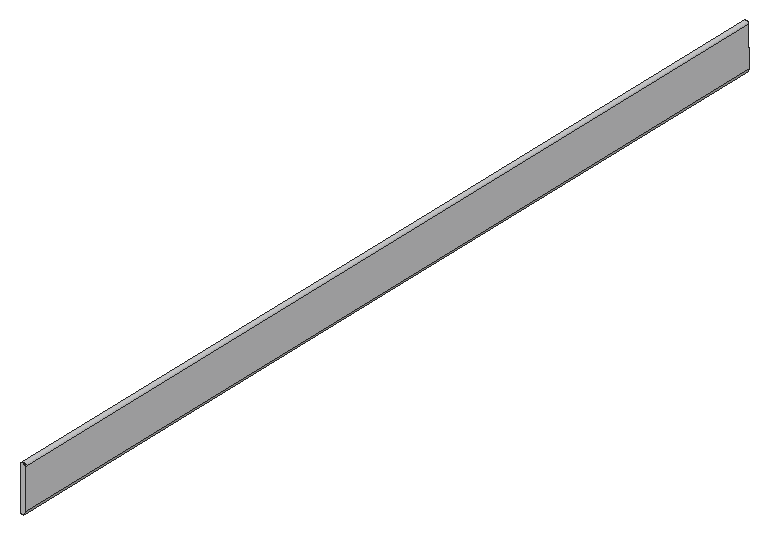
Revit family "WFR-CE", category Specialty Equipment, host Face, Revit 2020
Family settings
  Host = Face
  Round Connector Dimension = Use Diameter
  Part Type = Normal
  Cut with Voids When Loaded = No
  Shared = No
  Room Calculation Point = No
Parameters (values of type "SEE TYPE CATEGORY")
  Width = 0' - 0 1/2"
  URL = "http://www.emseal.com/"
  Type Image = WFR-CE.png
  Fire Resistence = "1 HR"
  Resistence to Fire EN 1366-4 = "EI60"
  Product Data URL = "https://bit.ly/34iawcN"
  European Technical Assessment = "ETA-19/0222"
  CE Certification = "0679-CPR-1251"
  Bellow Radius - Triple [instance] = Calc Width Triple / 6  # 0' - 0 1/4"
  Triple Bellow = no
  Tensile Strength (ASTM D3574) = "21 psi min; 145 kPa"
  Temperature Range (ASTM C711) = "185°F (85°C) to -40°F (-40°C)"
  Staining (ASTM C510) = "None"
  Single Bellow = yes
  Seal Material Note = "Emshield WFR-CE is coated on the top and bottom with water-resistant silicone."
  Seal Material [instance] = Silicone - Dowsil 790 Gray
  Rate of Air Leakage (ASTM E283) = "Passed"
  R Value Range (ASTM C518) = "1.03 per 1-inch (25mm) depth"
  Quint Bellow = no
  Quad Bellow = no
  Product Page URL = "https://cdn.emseal.com/wp-content/uploads/2020/01/Emshield-DFR-WFR-CE-Product-Data-Sheet-CE-marked-EN1366-4-movment-joint-Emseal.pdf"
  Product Documentation URL = "https://bit.ly/2yzQuP1"
  Movement (of Nominal Material Size) = "+50% / -50%"
  Model = "Emshield WFR-CE"
  Manufacturer = "EMSEAL Joint Systems Ltd"
  Length [instance] = 6' - 6 23/32"
  Durometer Hardness of Silicone Coating (ASTM D2240) = "Shore A: 25"
  Description = "CE Marked, EN 1366-4 Tested Watertight Fire-resistant movement joint"
  Depth = 0' - 4"
  Default Elevation = 0' - 0"
  Calc Width Triple [instance] = if(or(Width > 0' 3 131/256", Width < 0' 1 125/256"), 0' 1 1/2", Width)  # 0' - 1 1/2"
  Calc Width Single [instance] = if(Width > 0' 1 67/256", 0' 1 67/256", Width)  # 0' - 0 1/2"
  Calc Width Quad [instance] = if(or(Width > 0' 4 3/256", Width < 0' 3 131/256"), 0' 3 131/256", Width)  # 0' - 3 131/256"
  Bellow Radius - Quad [instance] = Calc Width Quad / 8  # 0' - 0.43896"
  Bellow Radius [instance] = Calc Width Single / 2  # 0' - 0 1/4"
  Bellow Depth - Triple [instance] = Depth - ([Bellow Radius - Triple] * 2)  # 0' - 3 1/2"
  Bellow Depth - Quad [instance] = Depth - ([Bellow Radius - Quad] * 2)  # 0' - 3.12207"
  Bellow Depth [instance] = Depth - (Bellow Radius * 2)  # 0' - 3 1/2"
  Assembly Code = "C3020200"
  ABAA Compliance = yes
Reference planes (in)
  plane 1 "Center (Front/Back)": y = 0
  plane 2: z = 0
  plane 3 "Center (Left/Right)": x = 0
  plane 4 "Width 1": x = -0.25
  plane 5 "Width 2": x = 0.25
  plane 6: y = 39.35937
  plane 7: y = -39.35938
  plane 8: z = -4
  plane 9 "Quad Width 1": x = -1.75586
  plane 10: x = -0.87793
  plane 11: x = 0.87793
  plane 12 "Quad Width 2": x = 1.75586
  plane 13 "Triple Width 1": x = -0.75
  plane 14 "Triple Width 2": x = 0.75
  plane 15: x = 0.25
  plane 16: x = -0.25
  plane 17 "Single Width 1": x = -0.25
  plane 18 "Single Width 2": x = 0.25
  plane 19 "Expansion Line": z = 0.03125
  plane 20 "Triple Radius": z = -0.25
  plane 21: z = 0
  plane 22 "Triple Depth": z = -3.75
  plane 23 "Single Radius": z = -0.25
  plane 24 "Single Depth": z = -3.75
  plane 25 "Quad Radius": z = -0.43896
  plane 26 "Quad Depth": z = -3.56104
Forms (in)
  Extrusion 1, void
    sketch origin (0, 0, 0) x (1, 0, 0) y (0, 1, 0)
      loop
        line (-0.25, -39.35938) -> (0.25, -39.35938) -> (0.25, 39.35937) -> (-0.25, 39.35937) -> (-0.25, -39.35938)
    from 0 to -30
  Extrusion 2, solid, detail levels coarse
    sketch origin (0, 0, 0) x (1, 0, 0) y (0, 1, 0)
      loop
        line (-0.25, 39.35937) -> (-0.25, -39.35938) -> (0.25, -39.35938) -> (0.25, 39.35937) -> (-0.25, 39.35937)
    from 0 to -4
  Extrusion 3, solid, material "Silicone - Dowsil 790 Gray" <- "Seal Material", visible <- "Quad Bellow"
    sketch origin (0, 0, 0) x (1, 0, 0) y (0, 0, 1)
      loop
        line (-1.75586, -0.43896) -> (-1.75586, -3.56104)
        arc (-1.75586, -3.56104) -> (-1.31689, -4) -> (-0.87793, -3.56104) r 0.43896
        arc (-0.87793, -3.56104) -> (-0.43896, -4) -> (0, -3.56104) r 0.43896
        arc (0, -3.56104) -> (0.43896, -4) -> (0.87793, -3.56104) r 0.43896
        arc (0.87793, -3.56104) -> (1.31689, -4) -> (1.75586, -3.56104) r 0.43896
        line (1.75586, -3.56104) -> (1.75586, -0.43896)
        arc (1.75586, -0.43896) -> (1.31689, 0) -> (0.87793, -0.43896) r 0.43896
        arc (0.87793, -0.43896) -> (0.43896, 0) -> (0, -0.43896) r 0.43896
        arc (0, -0.43896) -> (-0.43896, 0) -> (-0.87793, -0.43896) r 0.43896
        arc (-0.87793, -0.43896) -> (-1.31689, 0) -> (-1.75586, -0.43896) r 0.43896
    from 39.35938 to -39.35937
  Extrusion 4, solid, material "Silicone - Dowsil 790 Gray" <- "Seal Material", visible <- "Single Bellow"
    sketch origin (0, 0, 0) x (1, 0, 0) y (0, 0, 1)
      loop
        line (-0.25, -0.25) -> (-0.25, -3.75)
        arc (-0.25, -3.75) -> (0, -4) -> (0.25, -3.75) r 0.25
        line (0.25, -3.75) -> (0.25, -0.25)
        arc (0.25, -0.25) -> (0, 0) -> (-0.25, -0.25) r 0.25
    from 39.35938 to -39.35937
  Extrusion 5, solid, material "Silicone - Dowsil 790 Gray" <- "Seal Material", visible <- "Triple Bellow"
    sketch origin (0, 0, 0) x (1, 0, 0) y (0, 0, 1)
      loop
        line (-0.75, -0.25) -> (-0.75, -3.75)
        arc (-0.75, -3.75) -> (-0.5, -4) -> (-0.25, -3.75) r 0.25
        arc (-0.25, -3.75) -> (0, -4) -> (0.25, -3.75) r 0.25
        arc (0.25, -3.75) -> (0.5, -4) -> (0.75, -3.75) r 0.25
        line (0.75, -3.75) -> (0.75, -0.25)
        arc (0.75, -0.25) -> (0.5, 0) -> (0.25, -0.25) r 0.25
        arc (0.25, -0.25) -> (0, 0) -> (-0.25, -0.25) r 0.25
        arc (-0.25, -0.25) -> (-0.5, 0) -> (-0.75, -0.25) r 0.25
    from 39.35938 to -39.35937
Lines and regions (in)
  model lines, style "Expansion Graphic"
    curve 1: line (0, 39.35937, 0.03125) -> (0, -39.35938, 0.03125)
Dimensions and locks (in)
  "Width": plane 4 "Width 1" to plane 5 "Width 2"
  equal spacing: plane 4 "Width 1", plane 3 "Center (Left/Right)", plane 5 "Width 2"
  equal spacing: plane 6, plane 1 "Center (Front/Back)", plane 7
  "Length": plane 6 to plane 7
  "Depth": plane 2 to plane 8
  equal spacing: plane 12 "Quad Width 2", plane 11, plane 3 "Center (Left/Right)", plane 10, plane 9 "Quad Width 1"
  "Calc Width Quad": plane 12 "Quad Width 2" to plane 9 "Quad Width 1"
  locked: plane 2 to Extrusion 3 sketch curve
  equal spacing: plane 13 "Triple Width 1", plane 16, plane 15, plane 14 "Triple Width 2"
  "Calc Width Triple": plane 13 "Triple Width 1" to plane 14 "Triple Width 2"
  equal spacing: plane 13 "Triple Width 1", plane 3 "Center (Left/Right)", plane 14 "Triple Width 2"
  equal spacing: plane 17 "Single Width 1", plane 3 "Center (Left/Right)", plane 18 "Single Width 2"
  "Calc Width Single": plane 17 "Single Width 1" to plane 18 "Single Width 2"
  locked: plane 2 to Extrusion 4 sketch curve
  locked: plane 19 "Expansion Line" to level at 0.03125
  "Bellow Radius - Triple": plane 2 to plane 20 "Triple Radius"
  "Bellow Depth - Triple": plane 20 "Triple Radius" to plane 22 "Triple Depth"
  "Bellow Radius": plane 21 to plane 23 "Single Radius"
  "Bellow Depth": plane 23 "Single Radius" to plane 24 "Single Depth"
  "Bellow Radius - Quad": plane 2 to plane 25 "Quad Radius"
  "Bellow Depth - Quad": plane 25 "Quad Radius" to plane 26 "Quad Depth"
  aligned and locked: plane 2 to host face
  aligned and locked: level to host face
  aligned and locked: Extrusion 1 sketch curve to plane 7
  aligned and locked: Extrusion 1 sketch curve to plane 4 "Width 1"
  aligned and locked: plane 6 to Extrusion 1 sketch curve
  aligned and locked: plane 5 "Width 2" to Extrusion 1 sketch curve
  aligned and locked: Extrusion 2 sketch curve to plane 6
  aligned and locked: plane 4 "Width 1" to Extrusion 2 sketch curve
  aligned and locked: plane 7 to Extrusion 2 sketch curve
  aligned and locked: Extrusion 2 sketch curve to plane 5 "Width 2"
  aligned and locked: Extrusion 2 to plane 8
  aligned and locked: level to Extrusion 2
  aligned and locked: Extrusion 3 sketch curve to plane 9 "Quad Width 1"
  aligned and locked: plane 12 "Quad Width 2" to Extrusion 3 sketch curve
  aligned and locked: plane 6 to Extrusion 3
  aligned and locked: Extrusion 3 to plane 7
  aligned and locked: plane 17 "Single Width 1" to Extrusion 4 sketch curve
  aligned and locked: Extrusion 4 sketch curve to plane 18 "Single Width 2"
  aligned and locked: Extrusion 4 to plane 7
  aligned and locked: plane 6 to Extrusion 4
  aligned and locked: curve 1 to plane 3 "Center (Left/Right)"
  aligned and locked: plane 6 to curve 1
  aligned and locked: plane 7 to curve 1
  aligned and locked: plane 13 "Triple Width 1" to Extrusion 5 sketch curve
  aligned and locked: Extrusion 5 sketch curve to plane 14 "Triple Width 2"
  aligned and locked: plane 6 to Extrusion 5
  aligned and locked: Extrusion 5 to plane 7
  aligned and locked: plane 23 "Single Radius" to Extrusion 4 sketch curve  (x2)
  aligned and locked: plane 24 "Single Depth" to Extrusion 4 sketch curve  (x2)
  aligned and locked: plane 25 "Quad Radius" to Extrusion 3 sketch curve  (x5)
  aligned and locked: plane 26 "Quad Depth" to Extrusion 3 sketch curve  (x5)
Automatic sketch dimensions
  host sketch curve to host sketch curve = 8' - 0"  (x2)
  Extrusion 5 sketch curve to plane 20 "Triple Radius" = 0' - 0"
  plane 16 to Extrusion 5 sketch curve = 0' - 0"  (x4)
  Extrusion 5 sketch curve to plane 3 "Center (Left/Right)" = 0' - 0"  (x2)
  plane 15 to Extrusion 5 sketch curve = 0' - 0"  (x2)
  Extrusion 5 sketch curve to plane 22 "Triple Depth" = 0' - 0"
  Extrusion 3 sketch curve to plane 10 = 0' - 0"  (x3)
  Extrusion 3 sketch curve to plane 3 "Center (Left/Right)" = 0' - 0"  (x4)
  Extrusion 3 sketch curve to plane 11 = 0' - 0"  (x4)
Types in the file's own list only (60): name | Width | Fire Resistence | Resistence to Fire EN 1366-4 | Triple Bellow | Single Bellow | Quad Bellow | Depth | Default Elevation
  WFR - .5 inches - 1 hour | 1/2" | "1 HR" | "EI60" | No | Yes | No | 4" | 0"
  WFR - .5 inches - 2 hour | 1/2" | "2 HR" | "EI120" | No | Yes | No | 4" | 0"
  WFR - .5 inches - 3 hour | 1/2" | "3 HR" | "EI180" | No | Yes | No | 4" | 0"
  WFR - .5 inches - 4 hour | 1/2" | "4 HR" | "EI240" | No | Yes | No | 4" | 0"
  WFR - .75 inches - 1 hour | 3/4" | "1 HR" | "EI60" | No | Yes | No | 4" | 0"
  WFR - .75 inches - 2 hour | 3/4" | "2 HR" | "EI120" | No | Yes | No | 4" | 0"
  WFR - .75 inches - 3 hour | 3/4" | "3 HR" | "EI180" | No | Yes | No | 4" | 0"
  WFR - .75 inches - 4 hour | 3/4" | "4 HR" | "EI240" | No | Yes | No | 4" | 0"
  WFR - 1 inches - 1 hour | 1" | "1 HR" | "EI60" | No | Yes | No | 4" | 0"
  WFR - 1 inches - 2 hour | 1" | "2 HR" | "EI120" | No | Yes | No | 4" | 0"
  WFR - 1 inches - 3 hour | 1" | "3 HR" | "EI180" | No | Yes | No | 4" | 0"
  WFR - 1 inches - 4 hour | 1" | "4 HR" | "EI240" | No | Yes | No | 4" | 0"
  WFR - 1.25 inches - 1 hour | 1 1/4" | "1 HR" | "EI60" | No | Yes | No | 4" | 0"
  WFR - 1.25 inches - 2 hour | 1 1/4" | "2 HR" | "EI120" | No | Yes | No | 4" | 0"
  WFR - 1.25 inches - 3 hour | 1 1/4" | "3 HR" | "EI180" | No | Yes | No | 4" | 0"
  WFR - 1.25 inches - 4 hour | 1 1/4" | "4 HR" | "EI240" | No | Yes | No | 4" | 0"
  WFR - 1.5 inches - 1 hour | 1 1/2" | "1 HR" | "EI60" | Yes | No | No | 4" | 0"
  WFR - 1.5 inches - 2 hour | 1 1/2" | "2 HR" | "EI120" | Yes | No | No | 4" | 0"
  WFR - 1.5 inches - 3 hour | 1 1/2" | "3 HR" | "EI180" | Yes | No | No | 4" | 0"
  WFR - 1.5 inches - 4 hour | 1 1/2" | "4 HR" | "EI240" | Yes | No | No | 4" | 0"
  WFR - 1.75 inches - 1 hour | 1 3/4" | "1 HR" | "EI60" | Yes | No | No | 4" | 0"
  WFR - 1.75 inches - 2 hour | 1 3/4" | "2 HR" | "EI120" | Yes | No | No | 4" | 0"
  WFR - 1.75 inches - 3 hour | 1 3/4" | "3 HR" | "EI180" | Yes | No | No | 4" | 0"
  WFR - 1.75 inches - 4 hour | 1 3/4" | "4 HR" | "EI240" | Yes | No | No | 4" | 0"
  WFR - 2 inches - 1 hour | 2" | "1 HR" | "EI60" | Yes | No | No | 4" | 0"
  WFR - 2 inches - 2 hour | 2" | "2 HR" | "EI120" | Yes | No | No | 4" | 0"
  WFR - 2 inches - 3 hour | 2" | "3 HR" | "EI180" | Yes | No | No | 4" | 0"
  WFR - 2 inches - 4 hour | 2" | "4 HR" | "EI240" | Yes | No | No | 4" | 0"
  WFR - 2.25 inches - 1 hour | 2 1/4" | "1 HR" | "EI60" | Yes | No | No | 4" | 0"
  WFR - 2.25 inches - 2 hour | 2 1/4" | "2 HR" | "EI120" | Yes | No | No | 4" | 0"
  WFR - 2.25 inches - 3 hour | 2 1/4" | "3 HR" | "EI180" | Yes | No | No | 4" | 0"
  WFR - 2.25 inches - 4 hour | 2 1/4" | "4 HR" | "EI240" | Yes | No | No | 4" | 0"
  WFR - 2.5 inches - 1 hour | 2 1/2" | "1 HR" | "EI60" | Yes | No | No | 4" | 0"
  WFR - 2.5 inches - 2 hour | 2 1/2" | "2 HR" | "EI120" | Yes | No | No | 4" | 0"
  WFR - 2.5 inches - 3 hour | 2 1/2" | "3 HR" | "EI180" | Yes | No | No | 4" | 0"
  WFR - 2.5 inches - 4 hour | 2 1/2" | "4 HR" | "EI240" | Yes | No | No | 4" | 0"
  WFR - 2.75 inches - 1 hour | 2 3/4" | "1 HR" | "EI60" | Yes | No | No | 4" | 0"
  WFR - 2.75 inches - 2 hour | 2 3/4" | "2 HR" | "EI120" | Yes | No | No | 4" | 0"
  WFR - 2.75 inches - 3 hour | 2 3/4" | "3 HR" | "EI180" | Yes | No | No | 4" | 0"
  WFR - 2.75 inches - 4 hour | 2 3/4" | "4 HR" | "EI240" | Yes | No | No | 4" | 0"
  WFR - 3 inches - 1 hour | 3" | "1 HR" | "EI60" | Yes | No | No | 4" | 0"
  WFR - 3 inches - 2 hour | 3" | "2 HR" | "EI120" | Yes | No | No | 4" | 0"
  WFR - 3 inches - 3 hour | 3" | "3 HR" | "EI180" | Yes | No | No | 4" | 0"
  WFR - 3 inches - 4 hour | 3" | "4 HR" | "EI240" | Yes | No | No | 4" | 0"
  WFR - 3.25 inches - 1 hour | 3 1/4" | "1 HR" | "EI60" | No | No | Yes | 4" | 0"
  WFR - 3.25 inches - 2 hour | 3 1/4" | "2 HR" | "EI120" | No | No | Yes | 4" | 0"
  WFR - 3.25 inches - 3 hour | 3 1/4" | "3 HR" | "EI180" | No | No | Yes | 4" | 0"
  WFR - 3.25 inches - 4 hour | 3 1/4" | "4 HR" | "EI240" | No | No | Yes | 4" | 0"
  WFR - 3.5 inches - 1 hour | 3 1/2" | "1 HR" | "EI60" | No | No | Yes | 4" | 0"
  WFR - 3.5 inches - 2 hour | 3 1/2" | "2 HR" | "EI120" | No | No | Yes | 4" | 0"
  WFR - 3.5 inches - 3 hour | 3 1/2" | "3 HR" | "EI180" | No | No | Yes | 4" | 0"
  WFR - 3.5 inches - 4 hour | 3 1/2" | "4 HR" | "EI240" | No | No | Yes | 4" | 0"
  WFR - 3.75 inches - 1 hour | 3 3/4" | "1 HR" | "EI60" | No | No | Yes | 4" | 0"
  WFR - 3.75 inches - 2 hour | 3 3/4" | "2 HR" | "EI120" | No | No | Yes | 4" | 0"
  WFR - 3.75 inches - 3 hour | 3 3/4" | "3 HR" | "EI180" | No | No | Yes | 4" | 0"
  WFR - 3.75 inches - 4 hour | 3 3/4" | "4 HR" | "EI240" | No | No | Yes | 4" | 0"
  WFR - 4 inches - 1 hour | 4" | "1 HR" | "EI60" | No | No | Yes | 4" | 0"
  WFR - 4 inches - 2 hour | 4" | "2 HR" | "EI120" | No | No | Yes | 4" | 0"
  WFR - 4 inches - 3 hour | 4" | "3 HR" | "EI180" | No | No | Yes | 4" | 0"
  WFR - 4 inches - 4 hour | 4" | "4 HR" | "EI240" | No | No | Yes | 4" | 0"
